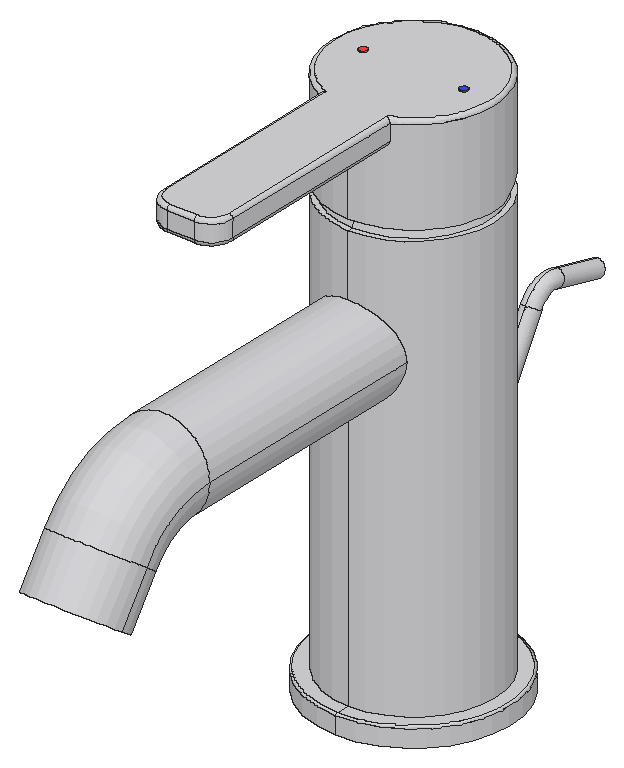
Revit family "Faucet-Lavatory-KOHLER-ATOM-K-27883T_1", category Plumbing Fixtures, host Face, Revit 2017
Family settings
  Host = Face
  Round Connector Dimension = Use Diameter
  Part Type = Normal
  OmniClass Number = 23.31.11.00
  OmniClass Title = Faucets
  Cut with Voids When Loaded = No
  Shared = No
  Room Calculation Point = No
Parameters (values of type "Mixing Faucet, CP-Polished Chrome")
  Width = 1 31/32"  # constant formula
  WaterSense Certified = 1 = 0  # no
  Waste Water Outlet = "Waste Water Outlet"  # constant formula
  Waste Connection = 1 = 0  # no
  Vent Connection = 1 = 0  # no
  URL = "https://www.kohlerasiapacific.com/"
  Type = 1
  Spout Reach = 4 75/256"  # constant formula
  Product Page URL = ""
  Product Name = "ATOM"  # constant formula
  Product Documentation Link = ""
  Pressure = 45.00 psi  # constant formula
  Model = if(Type = 1, "K-27883T-4-CP", if(Type = 2, "K-27883T-4CD-CP", "NA"))  # "K-27883T-4-CP"
  Material = "Premium Metal Construction"  # constant formula
  Master Format 2014 Name = "Residential Faucets, Supplies, and Trim"  # constant formula
  Master Format 2014 = "22 41 39"  # constant formula
  Manufacturer Address = "No. 158 Jiang Chang San Road, Zhabei District, Shanghai, China"  # constant formula
  Manufacturer = "KOHLER Co."  # constant formula
  Length = Spout Reach  # 4 75/256"
  Hot Water Inlet = "Hot Water Inlet"  # constant formula
  Hot Water Diameter = if(Type = 1, 1/2", 0")  # 1/2"
  Height = 5 161/256"  # constant formula
  Handle Clearance = 2 61/64"  # constant formula
  HW Connection = if(Type = 1, 1 = 1, 1 = 0)  # yes
  Flow Rate = 2.2 GPM  # constant formula
  Finish = Kohler-Metal-CP-Polished_Chrome
  Faucet Hole Spacing = 0"
  Environmental Product Declaration = ""
  Drain Included = if(Type = 1, 1 = 1, 1 = 0)  # yes
  Description = if(Type = 1, "Single Handle Lavatory Faucet Lever Handle, Pop Up, 6P", if(Type = 2, "Single Handle Lavatory Faucet Lever Handle, Cold Only, 6P\r", "NA"))  # "Single Handle Lavatory Faucet Lever Handle, Pop Up, 6P"
  Default Elevation = 36"
  Declare Label = ""
  Date Modified = "08/24/2021"  # constant formula
  Date Created = "08/24/2021"  # constant formula
  Copyright = "Copyright KOHLER Co."  # constant formula
  Contact Us = "https://www.kohlerasiapacific.com/contact-us"
  Cold Water Inlet = "Cold Water Inlet"  # constant formula
  CW Connection = 1 = 1  # yes
  Assembly Code = "D2010"
  ADA Compliant = 1 = 0  # no
  27883T_4CD = Type = 2  # no
  27883T_4 = Type = 1  # yes
Types (3): name | Type | Model | Hot Water Diameter | HW Connection | Drain Included | Description | 27883T_4CD | 27883T_4
  (no name) | 1 | "K-27883T-4-CP" | 1/2" | yes | yes | "Single Handle Lavatory Faucet Lever Handle, Pop Up, 6P" | no | yes
  Mixing Faucet, CP-Polished Chrome | 1 | "K-27883T-4-CP" | 1/2" | yes | yes | "Single Handle Lavatory Faucet Lever Handle, Pop Up, 6P" | no | yes
  Cold Only Faucet, CP-Polished Chrome | 2 | "K-27883T-4CD-CP" | 0" | no | no | "Single Handle Lavatory Faucet Lever Handle, Cold Only, 6P\r" | yes | no
Reference planes (in)
  plane 1 "Center (Front/Back)": y = 0
  plane 2: z = 0
  plane 3 "Center (Left/Right)": x = 0
  plane 4: x = -0.98425
  plane 5: x = 0.9845
  plane 6: y = 0.98425
  plane 7: y = -0.98425
  plane 8: x = -0.3937
  plane 9: x = 0.3937
  plane 10: y = -4.29297
  plane 11: y = -2.95313
  plane 12: z = 5.62891
  plane 13: z = 2.55906
  plane 14: y = 2.34457
  plane 15: x = -0.82677
  plane 16: x = 0.82677
  plane 17: z = 0.19685
Dimensions and locks (in)
  "Height": plane 12 to level
  level to plane 13 = 2.55906"
  "Spout Reach": plane 1 "Center (Front/Back)" to plane 10
  "Width": plane 4 to plane 5
  plane 7 to plane 6 = 1.9685"
  "Handle Clearance": plane 11 to plane 1 "Center (Front/Back)"
  "Length": plane 10 to plane 1 "Center (Front/Back)"
  aligned and locked: plane 2 to host face
  aligned and locked: level to host face
Automatic sketch dimensions
  host sketch curve to host sketch curve = 96"  (x2)
Nested families (in)
  nested 1: "K-27883T" at (0, 0, 0), type "K-27883T"
Connectors (in)
  piping at (0.3937, 0, 0), diameter 0.5, driven by "Flow Rate", driven by "Pressure", driven by "CW Connection", driven by "Cold Water Inlet"
    settings: on nested 1, index 1, connector inside diameter 24", connector length 0", flow factor 0, pipe flow 2.2 GPM, pressure drop 45.00 psi, fitting loss kfactor 0, connector angle 0.00°, fixture units 0, engagement length 0", angle of deflection 0.00°, flow configuration 1, flow direction 1, fitting loss method 4, system type 20, joint type 0, gender type 0, connector reference index -1, connector utility 1, adjustable connector no, is connector primary yes, connector description "Cold Water Inlet"
  piping at (-0.3937, 0, 0), diameter 0.5, driven by "Flow Rate", driven by "Pressure", driven by "HW Connection", driven by "Hot Water Inlet", driven by "Hot Water Diameter"
    settings: on nested 1, index 2, connector inside diameter 24", connector length 0", flow factor 0, pipe flow 2.2 GPM, pressure drop 45.00 psi, fitting loss kfactor 0, connector angle 0.00°, fixture units 0, engagement length 0", angle of deflection 0.00°, flow configuration 1, flow direction 1, fitting loss method 4, system type 19, joint type 0, gender type 0, connector reference index -1, connector utility 1, adjustable connector no, is connector primary no, connector description "Hot Water Inlet"
Definition of nested family "K-27883T"
  Parameters (values of type "K-27883T")
    Material = none
    Connector Dist = if([27883T_4], 0.3937", 0")  # 0.3937"
    27883T_4CD = yes
    27883T_4 = yes
  Reference planes (in)
    plane 1 "Center (Front/Back)": y = 0
    plane 2: z = 0
    plane 3 "Center (Left/Right)": x = 0
    plane 4: x = -0.98425
    plane 5: x = 0.98425
    plane 6: y = 0.98425
    plane 7: y = -0.98425
    plane 8: z = 5.62992
    plane 9: y = -4.29134
    plane 10: z = 2.55906
    plane 11: y = -2.95276
    plane 12: x = -0.3937
    plane 13: x = 0.3937
    plane 14: y = 2.34457
  Forms (in)
    Revolve 1, solid, material <- "Material", detail levels medium+fine
      sketch origin (0, 0, 0) x (0, 1, 0) y (0, 0, 1)
        loop
          line (0, 4.90945) -> (0, 0) -> (0.98425, 0) -> (0.98425, 0.17717)
          arc (0.98425, 0.17717) -> (0.97849, 0.19108) -> (0.96457, 0.19685) r 0.01969
          line (0.96457, 0.19685) -> (0.82677, 0.19685) -> (0.82677, 4.52756) -> (0.77128, 4.52756)
          arc (0.77128, 4.52756) -> (0.70532, 4.73211) -> (0.5839, 4.90945) r 0.74751
          line (0.5839, 4.90945) -> (0, 4.90945)
        axis (0, 4.90945) -> (0, 0)
      angle from 0 to 360
    Revolve 2, solid, material <- "Material", detail levels medium+fine
      sketch origin (0, 0, 0) x (0, 1, 0) y (0, 0, 1)
        loop
          line (0.7874, 5.62992) -> (0, 5.62992) -> (0, 4.63386) -> (0.82677, 4.63386) -> (0.82677, 5.59055)
          arc (0.82677, 5.59055) -> (0.81524, 5.61839) -> (0.7874, 5.62992) r 0.03937
        axis (0, 5.62992) -> (0, 4.63386)
      angle from 0 to 360
    Revolve 3, solid, material <- "Material", detail levels medium+fine
      sketch origin (0, 0, 0) x (0, 1, 0) y (0, 0, 1)
        loop
          line (0.79052, 5.25197) -> (0.87838, 5.25197)
          arc (0.87838, 5.25197) -> (0.87238, 5.32314) -> (0.85458, 5.39232) r 0.42582
          arc (0.85458, 5.39232) -> (0.84525, 5.40473) -> (0.83045, 5.40945) r 0.02556
          line (0.83045, 5.40945) -> (0.79052, 5.40945) -> (0.79052, 5.25197)
        axis (0.87838, 5.25197) -> (0.79052, 5.25197)
      angle from 0 to 360
    Extrusion 4, void
      sketch origin (0, 0, 0) x (0, 1, 0) y (0, 0, 1)
        loop
          line (0.02735, 4.60082) -> (0.88812, 4.60082) -> (0.88812, 4.91412) -> (0.02735, 4.60082)
      from -0.98425 to 0.98425
    Sweep 5, solid, material <- "Material", detail levels medium+fine
      path origin (0, 0, 0) x (1, 0, 0) y (0, 1, 0)
        loop
          line (-0.35433, -0.62858) -> (-0.35433, -2.73622)
          arc (-0.35433, -2.73622) -> (-0.29091, -2.88933) -> (-0.1378, -2.95276) r 0.21654
          line (-0.1378, -2.95276) -> (0.1378, -2.95276)
          arc (0.1378, -2.95276) -> (0.29091, -2.88933) -> (0.35433, -2.73622) r 0.21654
          line (0.35433, -2.73622) -> (0.35433, -0.62858)
      profile origin (0, -2.95276, 0) x (0, 1, 0) y (0, 0, 1)
        loop
          arc (0, 5.42126) -> (0.01153, 5.39342) -> (0.03937, 5.38189) r 0.03937
          line (0.03937, 5.38189) -> (0.07279, 5.38189) -> (0.07279, 5.62992) -> (0.03937, 5.62992)
          arc (0.03937, 5.62992) -> (0.01153, 5.61839) -> (0, 5.59055) r 0.03937
          line (0, 5.59055) -> (0, 5.42126)
    Extrusion 6, solid, material <- "Material", detail levels medium+fine
      sketch origin (0, 0, 0) x (1, 0, 0) y (0, 1, 0)
        loop
          arc (-0.28154, -2.73622) -> (-0.23944, -2.83786) -> (-0.1378, -2.87996) r 0.14374
          line (-0.1378, -2.87996) -> (0.1378, -2.87996)
          arc (0.1378, -2.87996) -> (0.23944, -2.83786) -> (0.28154, -2.73622) r 0.14374
          line (0.28154, -2.73622) -> (0.28154, -0.62858) -> (-0.28154, -0.62858) -> (-0.28154, -2.73622)
      from 5.38189 to 5.62992
    Sweep 7, solid, material <- "Material", detail levels medium+fine
      path origin (0, 0, 0) x (0, 1, 0) y (0, 0, 1)
        loop
          line (-4.29134, 2.55906) -> (-3.97874, 3.00549)
          arc (-3.97874, 3.00549) -> (-3.62697, 3.31399) -> (-3.17249, 3.4252) r 0.98425
          line (-3.17249, 3.4252) -> (-0.54293, 3.4252)
      profile origin (0, -1.85771, 3.4252) x (0, 0, -1) y (1, 0, 0)
        loop
          circle (0, 0) r 0.47244
    Revolve 8, void
      sketch origin (0, 0, 0) x (0, 1, 0) y (0, 0, 1)
        loop
          line (-4.3157, 2.52427) -> (-3.96356, 2.2777) -> (-3.83286, 2.46435) -> (-3.9226, 2.52718) -> (-4.01446, 2.42516) -> (-4.0517, 2.45124)
          arc (-4.0517, 2.45124) -> (-4.1766, 2.49384) -> (-4.29134, 2.55906) r 0.70275
          line (-4.29134, 2.55906) -> (-4.3157, 2.52427)
        axis (-4.185, 2.71092) -> (-4.3157, 2.52427)
      angle from 0 to 360
    Extrusion 9, void
      sketch origin (0, 0, 0) x (0, 1, 0) y (0, 0, 1)
        loop
          line (-4.26212, 2.50982) -> (-4.22042, 2.56937) -> (-4.3059, 2.62923) -> (-4.3476, 2.56968) -> (-4.26212, 2.50982)
      from -0.33273 to 0.33353
    Sweep 10, solid, material <- "Material", visible <- "27883T_4"
      path origin (0, 0, 0) x (0, 1, 0) y (0, 0, 1)
        loop
          line (2.32266, 2.80004) -> (1.80722, 2.93815)
          arc (1.80722, 2.93815) -> (1.63043, 2.92656) -> (1.49722, 2.80975) r 0.27559
          line (1.49722, 2.80975) -> (0.51228, 1.10377)
      profile origin (0, 2.06494, 2.8691) x (0, -0.258819, -0.965926) y (1, 0, 0)
        loop
          circle (0, 0) r 0.08465
    Extrusion 11, solid, visible <- "27883T_4"
      sketch origin (0, 0, 0) x (1, 0, 0) y (0, 1, 0)
        loop
          circle (-0.51181, 0) r 0.03937
      from 5.61811 to 5.63386
    Extrusion 12, solid, visible <- "27883T_4"
      sketch origin (0, 0, 0) x (-1, 0, 0) y (0, -1, 0)
        loop
          circle (-0.51181, 0) r 0.03937
      from 5.61811 to 5.63386
    Extrusion 13, solid, material <- "Material", visible <- "27883T_4", detail levels medium+fine
      sketch origin (0, 0, 0) x (1, 0, 0) y (0, 1, 0)
        loop
          circle (-0.3937, 0) r 0.25
      from 0 to 0.03937
    Extrusion 14, solid, material <- "Material"
      sketch origin (0, 0, 0) x (1, 0, 0) y (0, 1, 0)
        loop
          circle (0.3937, 0) r 0.25
      from 0 to 0.03937
    Revolve 15, solid, material <- "Material", detail levels coarse
      sketch origin (0, 0, 0) x (0, 1, 0) y (0, 0, 1)
        loop
          line (0.82677, 4.52756) -> (0.70976, 4.52756) -> (0.70976, 4.63386) -> (0.82973, 4.63386) -> (0.82973, 5.62992) -> (0, 5.62992) -> (0, 0) -> (0.98425, 0) -> (0.98425, 0.19685) -> (0.82677, 0.19685) -> (0.82677, 4.52756)
        axis (0, 5.62992) -> (0, 0)
      angle from 0 to 360
    Extrusion 16, solid, material <- "Material", detail levels coarse
      sketch origin (0, 0, 0) x (1, 0, 0) y (0, 1, 0)
        loop
          line (-0.35479, -0.54992) -> (-0.35479, -2.73622)
          arc (-0.35479, -2.73622) -> (-0.29137, -2.88933) -> (-0.13826, -2.95276) r 0.21654
          line (-0.13826, -2.95276) -> (0.13826, -2.95276)
          arc (0.13826, -2.95276) -> (0.29137, -2.88933) -> (0.35479, -2.73622) r 0.21654
          line (0.35479, -2.73622) -> (0.35479, -0.54992) -> (-0.35479, -0.54992)
      from 5.38189 to 5.62992
    Sweep 17, solid, material <- "Material", detail levels coarse
      path origin (0, 0, 0) x (0, 1, 0) y (0, 0, 1)
        loop
          line (-4.29134, 2.55906) -> (-3.97874, 3.00549)
          arc (-3.97874, 3.00549) -> (-3.62697, 3.31399) -> (-3.17249, 3.4252) r 0.98425
          line (-3.17249, 3.4252) -> (-0.54293, 3.4252)
      profile origin (0, -1.85771, 3.4252) x (0, 0, -1) y (1, 0, 0)
        loop
          circle (0, 0) r 0.47244
  Cuts and joins
    Extrusion 4 cuts Revolve 2
    Revolve 8, Extrusion 9 cuts Sweep 7
    joined: Revolve 1, Revolve 2, Revolve 3, Sweep 5, Extrusion 6, Sweep 7
    joined: Revolve 15, Extrusion 16, Sweep 17
  Lines and regions (in)
    Masking region 1
      outline origin (0, 0, 0) x (0, 1, 0) y (0, 0, 1)
        loop
          line (0.78923, 5.62991) -> (-2.91339, 5.62991)
          arc (-2.91339, 5.62991) -> (-2.94122, 5.61838) -> (-2.95275, 5.59055) r 0.03937
          line (-2.95275, 5.59055) -> (-2.95275, 5.42126)
          arc (-2.95275, 5.42126) -> (-2.94122, 5.39342) -> (-2.91338, 5.38189) r 0.03937
          line (-2.91338, 5.38189) -> (-0.82677, 5.38189) -> (-0.82677, 4.63386) -> (-0.74516, 4.63386)
          arc (-0.74516, 4.63386) -> (-0.76017, 4.58119) -> (-0.77128, 4.52756) r 0.74751
          line (-0.77128, 4.52756) -> (-0.82677, 4.52756) -> (-0.82677, 3.89764) -> (-3.17249, 3.89764)
          arc (-3.17249, 3.89764) -> (-3.84512, 3.73305) -> (-4.36574, 3.27647) r 1.45669
          line (-4.36574, 3.27647) -> (-4.67834, 2.83004) -> (-3.90434, 2.28807) -> (-3.59174, 2.73451)
          arc (-3.59174, 2.73451) -> (-3.40882, 2.89493) -> (-3.17249, 2.95276) r 0.51181
          line (-3.17249, 2.95276) -> (-0.82677, 2.95276) -> (-0.82677, 0.19685) -> (-0.96457, 0.19685)
          arc (-0.96457, 0.19685) -> (-0.97849, 0.19108) -> (-0.98425, 0.17717) r 0.01969
          line (-0.98425, 0.17717) -> (-0.98425, 0) -> (0.98425, 0) -> (0.98425, 0.17717)
          arc (0.98425, 0.17717) -> (0.97849, 0.19108) -> (0.96457, 0.19685) r 0.01969
          line (0.96457, 0.19685) -> (0.82677, 0.19685) -> (0.82677, 4.52756) -> (0.77128, 4.52756)
          arc (0.77128, 4.52756) -> (0.72688, 4.68395) -> (0.64973, 4.82705) r 0.74751
          line (0.64973, 4.82705) -> (0.82973, 4.89246) -> (0.82973, 5.09411)
          arc (0.82973, 5.09411) -> (0.84478, 5.09892) -> (0.85426, 5.11156) r 0.02597
          arc (0.85426, 5.11156) -> (0.8781, 5.25194) -> (0.85431, 5.39233) r 0.4257
          arc (0.85431, 5.39233) -> (0.8443, 5.40514) -> (0.82858, 5.40928) r 0.02542
          line (0.82858, 5.40928) -> (0.82858, 5.59056)
          arc (0.82858, 5.59056) -> (0.81705, 5.61839) -> (0.78923, 5.62991) r 0.03935
    Masking region 2, visible <- "27883T_4"
      outline origin (0, 0, 0) x (0, 1, 0) y (0, 0, 1)
        loop
          line (2.34457, 2.8818) -> (1.82475, 3.02109)
          arc (1.82475, 3.02109) -> (1.59745, 3.00619) -> (1.42618, 2.85599) r 0.35433
          line (1.42618, 2.85599) -> (0.82677, 1.81778) -> (0.82677, 1.4792) -> (1.56826, 2.7635)
          arc (1.56826, 2.7635) -> (1.66341, 2.84694) -> (1.78969, 2.85522) r 0.19685
          line (1.78969, 2.85522) -> (2.30075, 2.71828) -> (2.34457, 2.8818)
    Masking region 3
      outline origin (0, 0, 0) x (1, 0, 0) y (0, 1, 0)
        loop
          arc (0.47244, -0.86345) -> (0, 0.98425) -> (-0.47244, -0.86345) r 0.98425
          line (-0.47244, -0.86345) -> (-0.47244, -4.29134)
          spline (-0.47244, -4.29134) -> (-0.45634, -4.3915) -> (-0.40915, -4.48484) -> (-0.33407, -4.56499) -> (-0.23622, -4.62649) -> (-0.12228, -4.66515) -> (0, -4.67834) -> (0.12228, -4.66515) -> (0.23622, -4.62649) -> (0.33407, -4.56499) -> (0.40915, -4.48484) -> (0.45634, -4.3915) -> (0.47244, -4.29134)
          line (0.47244, -4.29134) -> (0.47244, -0.86345)
    Masking region 4, visible <- "27883T_4"
      outline origin (0, 0, 0) x (1, 0, 0) y (0, 1, 0)
        loop
          line (-0.08465, 2.32266) -> (-0.08465, 0.98061)
          arc (-0.08465, 0.98061) -> (0, 0.98425) -> (0.08465, 0.98061) r 0.98425
          line (0.08465, 0.98061) -> (0.08465, 2.32266)
          spline (0.08465, 2.32266) -> (0.08176, 2.32833) -> (0.07331, 2.33362) -> (0.05985, 2.33815) -> (0.04232, 2.34163) -> (0.02191, 2.34382) -> (0, 2.34457) -> (-0.02191, 2.34382) -> (-0.04232, 2.34163) -> (-0.05985, 2.33815) -> (-0.07331, 2.33362) -> (-0.08176, 2.32833) -> (-0.08465, 2.32266)
    Masking region 5
      outline origin (0, 0, 0) x (1, 0, 0) y (0, 0, 1)
        loop
          arc (-0.7874, 5.62991) -> (-0.81524, 5.61838) -> (-0.82677, 5.59054) r 0.03937
          line (-0.82677, 5.59054) -> (-0.82677, 4.63386) -> (-0.74516, 4.63386)
          arc (-0.74516, 4.63386) -> (-0.76017, 4.58119) -> (-0.77128, 4.52756) r 0.74751
          line (-0.77128, 4.52756) -> (-0.82677, 4.52756) -> (-0.82677, 0.19685) -> (-0.96457, 0.19685)
          arc (-0.96457, 0.19685) -> (-0.97849, 0.19108) -> (-0.98425, 0.17717) r 0.01969
          line (-0.98425, 0.17717) -> (-0.98425, 0) -> (0.98425, 0) -> (0.98425, 0.17717)
          arc (0.98425, 0.17717) -> (0.97849, 0.19108) -> (0.96457, 0.19685) r 0.01969
          line (0.96457, 0.19685) -> (0.82677, 0.19685) -> (0.82677, 4.52756) -> (0.77128, 4.52756)
          arc (0.77128, 4.52756) -> (0.76017, 4.58119) -> (0.74516, 4.63386) r 0.74751
          line (0.74516, 4.63386) -> (0.82677, 4.63386) -> (0.82677, 5.59054)
          arc (0.82677, 5.59054) -> (0.81524, 5.61838) -> (0.7874, 5.62991) r 0.03937
          line (0.7874, 5.62991) -> (-0.7874, 5.62991)
    symbolic lines, detail levels medium+fine
      curve 1: line (0, 0.11811, 4.63386) -> (0, -0.74516, 4.63386)
      curve 2: line (0, 0.11811, 4.63386) -> (0, 0.64973, 4.82705)
      curve 3: line (0, 0.82973, 5.09411) -> (0, 0.82858, 5.40928)
      curve 4: spline (0, -0.76443, 5.38207) -> (0, -0.76232, 5.38217) -> (0, -0.76024, 5.38292) -> (0, -0.75821, 5.38431) -> (0, -0.75627, 5.38632) -> (0, -0.75444, 5.38891) -> (0, -0.75276, 5.39204) -> (0, -0.75125, 5.39567) -> (0, -0.74994, 5.39974) -> (0, -0.74884, 5.40418) -> (0, -0.74797, 5.40892) -> (0, -0.74736, 5.4139) -> (0, -0.74699, 5.41902)
      curve 5: line (0, -0.74699, 5.59378) -> (0, -0.74699, 5.41902)
      curve 6: spline (0, -0.72168, 5.62955) -> (0, -0.72466, 5.62969) -> (0, -0.72763, 5.62916) -> (0, -0.73052, 5.62797) -> (0, -0.7333, 5.62615) -> (0, -0.73592, 5.62373) -> (0, -0.73834, 5.62073) -> (0, -0.74054, 5.6172) -> (0, -0.74247, 5.6132) -> (0, -0.7441, 5.60879) -> (0, -0.74541, 5.60403) -> (0, -0.74638, 5.59901) -> (0, -0.74699, 5.59378)
      curve 7: line (0, -0.76443, 5.38207) -> (0, -0.82677, 5.38189)
      curve 8: line (0, 0.77128, 4.52756) -> (0, -0.77128, 4.52756)
      curve 9: arc (0, -0.82677, 3.89764) -> (0, -0.67849, 3.4252) -> (0, -0.82677, 2.95276) r 0.82677
      curve 10: line (0, -3.59174, 2.73451) -> (0, -4.36574, 3.27647)
      curve 11: line (0, 0.82677, 0.19685) -> (0, -0.82677, 0.19685)
      curve 12: arc (0.35479, -0.74677, 0) -> (0, 0.82677, 0) -> (-0.35479, -0.74677, 0) r 0.82677
      curve 13: line (-0.35479, -0.74677, 0) -> (-0.35479, -2.73622, 0)
      curve 14: line (-0.13826, -2.95276, 0) -> (0.13826, -2.95276, 0)
      curve 15: line (0.35479, -0.74677, 0) -> (0.35479, -2.73622, 0)
      curve 16: arc (-0.35479, -2.73622, 0) -> (-0.29137, -2.88933, 0) -> (-0.13826, -2.95276, 0) r 0.21654
      curve 17: arc (0.13826, -2.95276, 0) -> (0.29137, -2.88933, 0) -> (0.35479, -2.73622, 0) r 0.21654
      curve 18: line (-0.47244, -3.97915, 0) -> (0.47244, -3.97915, 0)
      curve 19: line (-0.47244, -0.86345, 0) -> (-0.47244, -0.67849, 0)
      curve 20: line (0.47244, -0.86345, 0) -> (0.47244, -0.67849, 0)
      curve 21: line (0.15748, 0.83066, 0) -> (0.15748, 0.81163, 0)
      curve 22: arc (0.14035, 0.85479, 0) -> (0, 0.87858, 0) -> (-0.14035, 0.85479, 0) r 0.42582
      curve 23: arc (0.15748, 0.83066, 0) -> (0.15276, 0.84546, 0) -> (0.14035, 0.85479, 0) r 0.02556
      curve 24: line (-0.15748, 0.83066, 0) -> (-0.15748, 0.81163, 0)
      curve 25: arc (-0.15748, 0.83066, 0) -> (-0.15276, 0.84546, 0) -> (-0.14035, 0.85479, 0) r 0.02556
      curve 28: line (-0.31496, 0, 5.38189) -> (0.31496, 0, 5.38189)
      curve 29: line (-0.35433, 0, 5.59055) -> (-0.35433, 0, 5.42126)
      curve 30: line (0.35433, 0, 5.42126) -> (0.35433, 0, 5.59055)
      curve 31: arc (-0.35433, 0, 5.59055) -> (-0.3428, 0, 5.61839) -> (-0.31496, 0, 5.62992) r 0.03937
      curve 32: arc (-0.31496, 0, 5.38189) -> (-0.3428, 0, 5.39342) -> (-0.35433, 0, 5.42126) r 0.03937
      curve 33: arc (0.31496, 0, 5.38189) -> (0.3428, 0, 5.39342) -> (0.35433, 0, 5.42126) r 0.03937
      curve 34: arc (0.35433, 0, 5.59055) -> (0.3428, 0, 5.61839) -> (0.31496, 0, 5.62992) r 0.03937
      curve 35: line (-0.74516, 0, 4.63386) -> (0.74516, 0, 4.63386)
      curve 36: line (0.77128, 0, 4.52756) -> (-0.77128, 0, 4.52756)
      curve 37: line (-0.82677, 0, 0.19685) -> (0.82677, 0, 0.19685)
      curve 38: spline (0.47244, 0, 2.55906) -> (0.45634, 0, 2.62919) -> (0.40915, 0, 2.69455) -> (0.33407, 0, 2.75067) -> (0.23622, 0, 2.79373) -> (0.12228, 0, 2.8208) -> (0, 0, 2.83004) -> (-0.12228, 0, 2.8208) -> (-0.23622, 0, 2.79373) -> (-0.33407, 0, 2.75067) -> (-0.40915, 0, 2.69455) -> (-0.45634, 0, 2.62919) -> (-0.47244, 0, 2.55906)
      curve 39: spline (0, 0, 2.31248) -> (-0.11126, 0, 2.32088) -> (-0.21494, 0, 2.34552) -> (-0.30397, 0, 2.3847) -> (-0.37229, 0, 2.43577) -> (-0.41524, 0, 2.49524) -> (-0.42988, 0, 2.55906) -> (-0.41524, 0, 2.62287) -> (-0.37229, 0, 2.68234) -> (-0.30397, 0, 2.73341) -> (-0.21494, 0, 2.77259) -> (-0.11126, 0, 2.79723) -> (0, 0, 2.80563)
      curve 40: spline (-0.30361, 0, 2.5993) -> (-0.29326, 0, 2.64437) -> (-0.26293, 0, 2.68637) -> (-0.21468, 0, 2.72244) -> (-0.1518, 0, 2.75011) -> (-0.07858, 0, 2.76751) -> (0, 0, 2.77344) -> (0.07858, 0, 2.76751) -> (0.1518, 0, 2.75011) -> (0.21468, 0, 2.72244) -> (0.26293, 0, 2.68637) -> (0.29326, 0, 2.64437) -> (0.30361, 0, 2.5993) -> (0.29326, 0, 2.55423) -> (0.26293, 0, 2.51223) -> (0.21468, 0, 2.47616) -> (0.1518, 0, 2.44849) -> (0.07858, 0, 2.43109) -> (0, 0, 2.42516) -> (-0.07858, 0, 2.43109) -> (-0.1518, 0, 2.44849) -> (-0.21468, 0, 2.47616) -> (-0.26293, 0, 2.51223) -> (-0.29326, 0, 2.55423) -> (-0.30361, 0, 2.5993)
      curve 41: spline (0.25281, 0, 2.56937) -> (0.23449, 0, 2.53739) -> (0.20404, 0, 2.5086) -> (0.16305, 0, 2.48451) -> (0.11362, 0, 2.46635) -> (0.05832, 0, 2.45506) -> (0, 0, 2.45124) -> (-0.05832, 0, 2.45506) -> (-0.11362, 0, 2.46635) -> (-0.16305, 0, 2.48451) -> (-0.20404, 0, 2.5086) -> (-0.23449, 0, 2.53739) -> (-0.25281, 0, 2.56937)
      curve 42: spline (-0.25281, 0, 2.62923) -> (-0.21216, 0, 2.61751) -> (-0.1707, 0, 2.60786) -> (-0.12859, 0, 2.60032) -> (-0.086, 0, 2.59491) -> (-0.04308, 0, 2.59166) -> (0, 0, 2.59057) -> (0.04308, 0, 2.59166) -> (0.086, 0, 2.59491) -> (0.12859, 0, 2.60032) -> (0.1707, 0, 2.60786) -> (0.21216, 0, 2.61751) -> (0.25281, 0, 2.62923)
      curve 43: spline (0.25281, 0, 2.56937) -> (0.21216, 0, 2.55765) -> (0.1707, 0, 2.54801) -> (0.12859, 0, 2.54046) -> (0.086, 0, 2.53506) -> (0.04308, 0, 2.5318) -> (0, 0, 2.53072) -> (-0.04308, 0, 2.5318) -> (-0.086, 0, 2.53506) -> (-0.12859, 0, 2.54046) -> (-0.1707, 0, 2.54801) -> (-0.21216, 0, 2.55765) -> (-0.25281, 0, 2.56937)
      curve 44: spline (-0.25281, 0, 2.62923) -> (-0.23449, 0, 2.66121) -> (-0.20404, 0, 2.69) -> (-0.16305, 0, 2.71409) -> (-0.11362, 0, 2.73225) -> (-0.05832, 0, 2.74354) -> (0, 0, 2.74736) -> (0.05832, 0, 2.74354) -> (0.11362, 0, 2.73225) -> (0.16305, 0, 2.71409) -> (0.20404, 0, 2.69) -> (0.23449, 0, 2.66121) -> (0.25281, 0, 2.62923)
      curve 45: spline (-0.47244, 0, 2.55906) -> (-0.45634, 0, 2.48892) -> (-0.40915, 0, 2.42356) -> (-0.33407, 0, 2.36744) -> (-0.23622, 0, 2.32438) -> (-0.12228, 0, 2.29731) -> (0, 0, 2.28807) -> (0.12228, 0, 2.29731) -> (0.23622, 0, 2.32438) -> (0.33407, 0, 2.36744) -> (0.40915, 0, 2.42356) -> (0.45634, 0, 2.48892) -> (0.47244, 0, 2.55906)
      curve 46: spline (0, 0, 2.80563) -> (0.11126, 0, 2.79723) -> (0.21494, 0, 2.77259) -> (0.30397, 0, 2.73341) -> (0.37229, 0, 2.68234) -> (0.41524, 0, 2.62287) -> (0.42988, 0, 2.55906) -> (0.41524, 0, 2.49524) -> (0.37229, 0, 2.43577) -> (0.30397, 0, 2.3847) -> (0.21494, 0, 2.34552) -> (0.11126, 0, 2.32088) -> (0, 0, 2.31248)
      curve 47: line (-0.25281, 0, 2.56937) -> (0.25281, 0, 2.56937)
      curve 48: spline (-0.26905, 0, 2.51861) -> (-0.28497, 0, 2.52631) -> (-0.30023, 0, 2.53444) -> (-0.31478, 0, 2.54299) -> (-0.32859, 0, 2.55194) -> (-0.34164, 0, 2.56125) -> (-0.35387, 0, 2.57092) -> (-0.36528, 0, 2.58092) -> (-0.37583, 0, 2.59122) -> (-0.3855, 0, 2.6018) -> (-0.39426, 0, 2.61264) -> (-0.4021, 0, 2.62371) -> (-0.40899, 0, 2.63499)
      curve 49: spline (0.26905, 0, 2.51861) -> (0.28497, 0, 2.52631) -> (0.30023, 0, 2.53444) -> (0.31478, 0, 2.54299) -> (0.32859, 0, 2.55194) -> (0.34164, 0, 2.56125) -> (0.35387, 0, 2.57092) -> (0.36528, 0, 2.58092) -> (0.37583, 0, 2.59122) -> (0.3855, 0, 2.6018) -> (0.39426, 0, 2.61264) -> (0.4021, 0, 2.62371) -> (0.40899, 0, 2.63499)
      curve 50: spline (-0.31922, 0, 2.69557) -> (-0.31954, 0, 2.69793) -> (-0.3198, 0, 2.7003) -> (-0.32002, 0, 2.70267) -> (-0.32017, 0, 2.70504) -> (-0.32028, 0, 2.70741) -> (-0.32033, 0, 2.70978) -> (-0.32033, 0, 2.71216) -> (-0.32028, 0, 2.71453) -> (-0.32017, 0, 2.7169) -> (-0.32001, 0, 2.71927) -> (-0.31979, 0, 2.72164) -> (-0.31952, 0, 2.72401)
      curve 51: line (-0.31922, 0, 2.69557) -> (-0.30361, 0, 2.5993)
      curve 52: spline (0.31922, 0, 2.69557) -> (0.31954, 0, 2.69793) -> (0.3198, 0, 2.7003) -> (0.32002, 0, 2.70267) -> (0.32017, 0, 2.70504) -> (0.32028, 0, 2.70741) -> (0.32033, 0, 2.70978) -> (0.32033, 0, 2.71216) -> (0.32028, 0, 2.71453) -> (0.32017, 0, 2.7169) -> (0.32001, 0, 2.71927) -> (0.31979, 0, 2.72164) -> (0.31952, 0, 2.72401)
      curve 53: line (0.31922, 0, 2.69557) -> (0.30361, 0, 2.5993)
      curve 54: arc (0.47244, 0, 3.4252) -> (0, 0, 3.89764) -> (-0.47244, 0, 3.4252) r 0.47244
      curve 55: line (-0.47244, 0, 3.4252) -> (-0.47244, 0, 2.55906)
      curve 56: line (0.47244, 0, 3.4252) -> (0.47244, 0, 2.55906)
      curve 57: spline (0.47244, 0, 3.00504) -> (0.45634, 0, 3.07518) -> (0.40915, 0, 3.14053) -> (0.33407, 0, 3.19666) -> (0.23622, 0, 3.23972) -> (0.12228, 0, 3.26679) -> (0, 0, 3.27603) -> (-0.12228, 0, 3.26679) -> (-0.23622, 0, 3.23972) -> (-0.33407, 0, 3.19666) -> (-0.40915, 0, 3.14053) -> (-0.45634, 0, 3.07518) -> (-0.47244, 0, 3.00504)
    symbolic lines, visible <- "27883T_4", detail levels medium+fine
      curve 26: circle (-0.51181, 0, 0) r 0.03937 normal (0, 0, 1)
      curve 27: circle (0.51181, 0, 0) r 0.03937 normal (0, 0, 1)
      curve 58: line (-0.08465, 0.98061, 0) -> (-0.08465, 0.87009, 0)
      curve 59: line (0.08465, 0.98061, 0) -> (0.08465, 0.87009, 0)
  Dimensions and locks (in)
    locked: plane 4 to plane 5 at 1.9685
    locked: plane 8 to level at 5.62992
    locked: plane 1 "Center (Front/Back)" to plane 9 at 4.29134
    locked: plane 10 to level at 2.55906
    "Connector Dist": Extrusion 13 sketch curve to plane 3 "Center (Left/Right)"
    "Connector Dist": plane 3 "Center (Left/Right)" to Extrusion 14 sketch curve
    aligned and locked: plane 2 to level
    aligned and locked: Sweep 5 to Extrusion 6
    aligned and locked: Extrusion 6 to Sweep 5
  Automatic sketch dimensions
    Revolve 2 sketch curve to plane 1 "Center (Front/Back)" = 0"  (x2)
    Revolve 2 sketch curve to plane 8 = 0"
    Revolve 2 sketch curve to plane 6 = 0.19685"
    Revolve 2 sketch curve to Revolve 2 sketch curve = 0.03937"
    Revolve 2 sketch curve to Revolve 2 sketch curve = 0.95669"
    Revolve 2 sketch curve to Revolve 2 sketch curve = 0.35658"
    Revolve 2 sketch curve to Revolve 2 sketch curve = 0.21595"
    Revolve 3 sketch curve to plane 1 "Center (Front/Back)" = 0.45256"
    Revolve 3 sketch curve to plane 6 = 0.19373"
    Revolve 3 sketch curve to Revolve 3 sketch curve = 0.03993"
    Revolve 3 sketch curve to Revolve 3 sketch curve = 0.08785"
    Revolve 3 sketch curve to plane 8 = 0.37795"
    Revolve 3 sketch curve to Revolve 3 sketch curve = 0.13192"
    Revolve 3 sketch curve to Revolve 3 sketch curve = 0.02556"
    Revolve 3 sketch curve to Revolve 3 sketch curve = 0.07396"
    Revolve 3 sketch curve to Revolve 3 sketch curve = 0.05165"
    Revolve 3 sketch curve to Revolve 3 sketch curve = 0"
    Extrusion 4 sketch curve to plane 1 "Center (Front/Back)" = 7/256"
    Extrusion 4 sketch curve to plane 6 = 0.09614"
    Extrusion 4 sketch curve to plane 8 = 1.0291"
    Extrusion 4 sketch curve to Extrusion 4 sketch curve = 0.31329"
    plane 11 to Sweep 5 sketch curve = 0"
    Sweep 5 sketch curve to plane 11 = 0.21654"  (x2)
    Sweep 5 sketch curve to plane 3 "Center (Left/Right)" = 0.35433"
    plane 3 "Center (Left/Right)" to Sweep 5 sketch curve = 0.1378"
    Sweep 5 sketch curve to plane 7 = 0.35567"  (x2)
    Extrusion 6 sketch curve to plane 11 = 0.21654"
    Extrusion 6 sketch curve to plane 3 "Center (Left/Right)" = 0.28154"
    Extrusion 6 sketch curve to plane 3 "Center (Left/Right)" = 0.1378"
    plane 3 "Center (Left/Right)" to Extrusion 6 sketch curve = 0.1378"
    Extrusion 6 sketch curve to Extrusion 6 sketch curve = 0.14374"
    Extrusion 6 sketch curve to plane 7 = 0.35567"
    Sweep 7 sketch curve to plane 9 = 0"
    Sweep 7 sketch curve to plane 10 = 0"
    Sweep 7 sketch curve to plane 9 = 0.3126"
    plane 11 to Sweep 7 sketch curve = 0.21973"
    Sweep 7 sketch curve to plane 10 = 0.11811"
    plane 10 to Sweep 7 sketch curve = 0.44643"
    Sweep 7 sketch curve to plane 7 = 0.44132"
    Sweep 7 sketch curve to plane 3 "Center (Left/Right)" = 0"
    Sweep 7 sketch curve to profile plane = 0"
    Revolve 8 sketch curve to plane 9 = 0"  (x2)
    Revolve 8 sketch curve to plane 10 = 0"  (x2)
    plane 9 to Revolve 8 sketch curve = 0.02436"
    Revolve 8 sketch curve to plane 10 = 0.10782"
    Revolve 8 sketch curve to plane 9 = 0.23964"
    Revolve 8 sketch curve to plane 10 = 0.1339"
    Revolve 8 sketch curve to Revolve 8 sketch curve = 0.03724"
    Revolve 8 sketch curve to Revolve 8 sketch curve = 0.0509"
    Revolve 8 sketch curve to plane 10 = 0.03188"
    Revolve 8 sketch curve to Revolve 8 sketch curve = 0.09186"
    Revolve 8 sketch curve to plane 9 = 0.40308"
    Revolve 8 sketch curve to plane 10 = 0.09471"
    plane 9 to Revolve 8 sketch curve = 0.08603"
    Revolve 8 sketch curve to Revolve 8 sketch curve = 0.08808"
    plane 10 to Extrusion 9 sketch curve = 0.01062"
    plane 9 to Extrusion 9 sketch curve = 0.05626"
    plane 9 to Extrusion 9 sketch curve = 0.01456"
    Extrusion 9 sketch curve to plane 9 = 0.02922"
    plane 10 to Extrusion 9 sketch curve = 0.01032"
    plane 1 "Center (Front/Back)" to Extrusion 11 sketch curve = 0"
    plane 4 to Extrusion 11 sketch curve = 0.47244"
    plane 1 "Center (Front/Back)" to Extrusion 12 sketch curve = 0"
    Extrusion 12 sketch curve to plane 5 = 0.47244"
    plane 1 "Center (Front/Back)" to Extrusion 13 sketch curve = 0"
    plane 1 "Center (Front/Back)" to Extrusion 14 sketch curve = 0"
    plane 9 to Masking region 3 sketch curve = 0"
    plane 1 "Center (Front/Back)" to Masking region 3 sketch curve = 0"
    Masking region 3 sketch curve to plane 3 "Center (Left/Right)" = 0"  (x2)
    Masking region 3 sketch curve to plane 12 = 0.07874"
    Masking region 3 sketch curve to plane 7 = 0.1208"
    Masking region 2 sketch curve to plane 6 = 0.15748"
    plane 6 to Masking region 2 sketch curve = 0.44193"
    plane 10 to Masking region 2 sketch curve = 0.20444"
    Masking region 2 sketch curve to Masking region 2 sketch curve = 0.14208"
    Masking region 2 sketch curve to Masking region 2 sketch curve = 0.16478"
    Masking region 2 sketch curve to Masking region 2 sketch curve = 0.0057"
    plane 10 to Masking region 2 sketch curve = 0.29616"
    Masking region 2 sketch curve to Masking region 2 sketch curve = 0.05665"
    plane 10 to Masking region 2 sketch curve = 0.46203"
    Masking region 2 sketch curve to Masking region 2 sketch curve = 0.03506"
    plane 10 to Masking region 2 sketch curve = 0.15922"
    Masking region 2 sketch curve to Masking region 2 sketch curve = 0.51106"
    Masking region 2 sketch curve to plane 10 = 0.74127"
    Masking region 2 sketch curve to Masking region 2 sketch curve = 0.33858"
    Masking region 2 sketch curve to Masking region 2 sketch curve = 0.01375"
    plane 7 to curve 9 = 0.52101"
    curve 7 to plane 7 = 0.21983"
    curve 7 to curve 5 = 0.01743"
    curve 2 to plane 1 "Center (Front/Back)" = 0.11811"
    plane 10 to curve 9 = 0.86614"
    curve 2 to plane 8 = 0.99606"
    curve 7 to plane 8 = 0.24785"
    curve 7 to curve 5 = 0.03695"
    curve 5 to plane 8 = 0.03614"
    plane 10 to curve 10 = 0.17545"
    plane 11 to curve 10 = 0.63899"
    plane 9 to curve 10 = 0.0744"
    curve 11 to plane 7 = 0.15748"
    curve 9 to plane 7 = 0.15748"  (x2)
    curve 7 to curve 4 = 0.06235"
    curve 8 to plane 7 = 0.21298"
    curve 7 to curve 4 = 0.00072"
    curve 4 to curve 5 = 0.0167"
    curve 8 to curve 1 = 0.02612"
    curve 6 to plane 8 = 0.00021"
    curve 5 to curve 6 = 0.02289"
    curve 5 to curve 6 = 0.02395"
    curve 6 to plane 8 = 0.00037"
    curve 2 to plane 6 = 0.33453"
    curve 8 to plane 6 = 0.21298"
    curve 11 to plane 6 = 0.15748"
    curve 3 to plane 6 = 0.15567"
    curve 3 to plane 6 = 0.15452"
    plane 10 to curve 10 = 0.71741"
    plane 10 to curve 9 = 0.3937"
    level to curve 11 = 0.19685"
    curve 8 to curve 1 = 0.1063"
    curve 8 to curve 2 = 0.29949"
    curve 2 to curve 3 = 0.26706"
    curve 7 to curve 4 = 0.00018"
    curve 3 to plane 8 = 0.22064"
    curve 55 to plane 10 = 0"
    curve 39 to plane 10 = 0"
    curve 31 to plane 8 = 0"
    curve 42 to plane 3 "Center (Left/Right)" = 0"
    curve 52 to plane 3 "Center (Left/Right)" = 0"
    curve 41 to plane 3 "Center (Left/Right)" = 0"
    curve 40 to plane 3 "Center (Left/Right)" = 0"
    curve 38 to plane 3 "Center (Left/Right)" = 0"
    curve 50 to plane 3 "Center (Left/Right)" = 0"
    curve 49 to plane 3 "Center (Left/Right)" = 0"
    curve 44 to plane 3 "Center (Left/Right)" = 0"
    curve 39 to plane 3 "Center (Left/Right)" = 0"
    curve 48 to plane 3 "Center (Left/Right)" = 0"
    curve 34 to plane 8 = 0"
    plane 10 to curve 47 = 0.01032"
    plane 12 to curve 47 = 0.14089"
    plane 12 to curve 32 = 0.07874"
    curve 31 to plane 8 = 0.03937"
    plane 12 to curve 31 = 0.07874"
    plane 12 to curve 51 = 0.07448"
    curve 55 to plane 12 = 0.07874"
    curve 34 to plane 8 = 0.03937"
    plane 13 to curve 34 = 0.07874"
    curve 33 to curve 33 = 0.03937"
    plane 13 to curve 53 = 0.07448"
    plane 10 to curve 53 = 0.13651"
    plane 10 to curve 51 = 0.13651"
    curve 50 to curve 55 = 0.72963"
    curve 28 to curve 34 = 0.20866"
    curve 44 to curve 47 = 0"
    curve 41 to curve 47 = 0.00533"
    curve 44 to curve 41 = 0"  (x2)
    curve 48 to curve 43 = 0.01623"
    plane 10 to curve 51 = 0.04024"
    curve 51 to curve 41 = 0.04547"
    curve 50 to curve 51 = 0.00031"
    curve 50 to curve 50 = 0.00081"
    curve 48 to plane 12 = 0.01529"
    curve 46 to plane 12 = 0.03618"
    curve 48 to plane 12 = 0.03618"
    curve 39 to curve 46 = 0"
    plane 4 to curve 42 = 0.28345"
    curve 42 to curve 43 = 0"
    plane 4 to curve 35 = 0.23909"
    curve 36 to curve 35 = 0.02612"
    plane 4 to curve 37 = 0.15748"
    curve 49 to plane 10 = 0.04045"
    curve 47 to curve 49 = 0.01623"
    curve 53 to curve 52 = 0.00031"
    curve 52 to curve 52 = 0.00081"
    curve 49 to plane 13 = 0.01529"
    curve 49 to plane 13 = 0.03618"
    plane 5 to curve 35 = 0.23909"
    curve 35 to curve 36 = 0.02612"
    plane 5 to curve 37 = 0.15748"
    curve 39 to curve 39 = 0.24657"
    level to curve 37 = 0.19685"
    curve 47 to curve 41 = 0.02993"
    curve 40 to curve 51 = 0"
    plane 10 to curve 53 = 0.04024"
    curve 44 to curve 44 = 0.02993"
    curve 46 to curve 57 = 0.19942"
    curve 57 to curve 43 = 0.09974"
    curve 43 to curve 42 = 0.05985"
    curve 36 to curve 33 = 0.85433"
    curve 36 to curve 35 = 0.1063"
    Revolve 1 sketch curve to plane 1 "Center (Front/Back)" = 0"  (x2)
    Revolve 1 sketch curve to level = 0"
    Revolve 1 sketch curve to plane 6 = 0"
    Revolve 1 sketch curve to plane 1 "Center (Front/Back)" = 0.03424"
    Revolve 1 sketch curve to plane 6 = 0.40035"
    Revolve 1 sketch curve to plane 6 = 0.21298"
    Revolve 1 sketch curve to plane 6 = 0.15748"
    Revolve 1 sketch curve to Revolve 1 sketch curve = 0.01969"
    level to Revolve 1 sketch curve = 0.17717"
    Revolve 1 sketch curve to plane 8 = 1.22708"
    Revolve 1 sketch curve to Revolve 1 sketch curve = 0.12472"
    Revolve 1 sketch curve to Revolve 1 sketch curve = 0.4686"
    Revolve 1 sketch curve to plane 10 = 1.256"
    Sweep 5 sketch curve to profile plane = 0"
    Sweep 5 sketch curve to profile plane = 0.03937"
    Sweep 5 sketch curve to Sweep 5 sketch curve = 0.03937"
    Sweep 5 sketch curve to Sweep 5 sketch curve = 0.03342"
    level to Sweep 5 sketch curve = 5.38189"
    Sweep 5 sketch curve to Sweep 5 sketch curve = 0.16929"
    plane 10 to Sweep 10 sketch curve = 0.25069"
    plane 6 to Sweep 10 sketch curve = 0.51297"
    plane 10 to Sweep 10 sketch curve = 0.1129"
    Sweep 10 sketch curve to Sweep 10 sketch curve = 0.23867"
    plane 10 to Sweep 10 sketch curve = 0.3791"
    Sweep 10 sketch curve to plane 6 = 0.47197"
    plane 10 to Sweep 10 sketch curve = 0.24098"
    Sweep 10 sketch curve to Sweep 10 sketch curve = 0.51544"
    level to Sweep 10 sketch curve = 1.10377"
    Sweep 10 sketch curve to plane 3 "Center (Left/Right)" = 0"
    Sweep 10 sketch curve to profile plane = 0"
    Masking region 1 sketch curve to Masking region 1 sketch curve = 0"  (x3)
    Masking region 1 sketch curve to level = 0"
    Masking region 1 sketch curve to plane 7 = 0"
    Masking region 1 sketch curve to plane 6 = 0"
    Masking region 1 sketch curve to plane 11 = 0.03937"  (x2)
    Masking region 1 sketch curve to plane 11 = 0"
    plane 11 to Masking region 1 sketch curve = 0.21973"
    plane 10 to Masking region 1 sketch curve = 0.17545"
    Masking region 1 sketch curve to Masking region 1 sketch curve = 0.41925"
    Masking region 1 sketch curve to plane 10 = 0.27098"
    Masking region 1 sketch curve to plane 9 = 0.387"
    plane 9 to Masking region 1 sketch curve = 0.0744"
    plane 9 to Masking region 1 sketch curve = 0.387"
    Masking region 1 sketch curve to plane 7 = 0.01969"
    Masking region 1 sketch curve to plane 7 = 0.15748"  (x2)
    Masking region 1 sketch curve to Masking region 1 sketch curve = 0.1378"
    Masking region 1 sketch curve to Masking region 1 sketch curve = 0.0555"  (x2)
    Masking region 1 sketch curve to Masking region 1 sketch curve = 0.08161"
    plane 1 "Center (Front/Back)" to Masking region 1 sketch curve = 0.03424"
    Masking region 1 sketch curve to plane 1 "Center (Front/Back)" = 0.03424"
    Masking region 1 sketch curve to plane 1 "Center (Front/Back)" = 0.45239"
    Masking region 1 sketch curve to plane 6 = 0.33453"
    Masking region 1 sketch curve to plane 6 = 0.21298"
    Masking region 1 sketch curve to plane 8 = 0"
    Masking region 1 sketch curve to plane 6 = 0.19502"
    Masking region 1 sketch curve to plane 6 = 0.15567"
    Masking region 1 sketch curve to plane 6 = 0.15452"
    Masking region 1 sketch curve to Masking region 1 sketch curve = 0.00174"
    Masking region 1 sketch curve to plane 6 = 0.01969"
    level to Masking region 1 sketch curve = 0.17717"  (x2)
    Masking region 1 sketch curve to plane 10 = 0.11811"
    Masking region 1 sketch curve to Masking region 1 sketch curve = 0.5052"
    Masking region 1 sketch curve to Masking region 1 sketch curve = 0.62992"
    Masking region 1 sketch curve to Masking region 1 sketch curve = 0.12472"
    Masking region 1 sketch curve to Masking region 1 sketch curve = 0.06541"
    Masking region 1 sketch curve to Masking region 1 sketch curve = 0.20165"
    Masking region 1 sketch curve to Masking region 1 sketch curve = 0.02597"
    Masking region 1 sketch curve to plane 8 = 0.37791"
    Masking region 1 sketch curve to plane 8 = 0.24803"
    Masking region 1 sketch curve to Masking region 1 sketch curve = 0.20665"
    Masking region 1 sketch curve to Masking region 1 sketch curve = 0.02536"
    Masking region 1 sketch curve to Masking region 1 sketch curve = 0.02453"
    Masking region 5 sketch curve to level = 0"
    Masking region 5 sketch curve to plane 4 = 0"
    plane 5 to Masking region 5 sketch curve = 0"
    Masking region 5 sketch curve to Masking region 5 sketch curve = 0.01969"
    Masking region 5 sketch curve to plane 8 = 0.03938"
    plane 4 to Masking region 5 sketch curve = 0.15748"
    Masking region 5 sketch curve to Masking region 5 sketch curve = 0.1378"
    Masking region 5 sketch curve to Masking region 5 sketch curve = 0.03937"
    Masking region 5 sketch curve to Masking region 5 sketch curve = 0.0555"
    Masking region 5 sketch curve to Masking region 5 sketch curve = 0.08161"  (x2)
    Masking region 5 sketch curve to plane 3 "Center (Left/Right)" = 0.03424"
    plane 3 "Center (Left/Right)" to Masking region 5 sketch curve = 0.03424"
    plane 5 to Masking region 5 sketch curve = 0.23909"
    Masking region 5 sketch curve to Masking region 5 sketch curve = 0.02612"
    plane 5 to Masking region 5 sketch curve = 0.19685"
    plane 5 to Masking region 5 sketch curve = 0.15748"
    plane 5 to Masking region 5 sketch curve = 0.01969"
    level to Masking region 5 sketch curve = 0.17717"  (x2)
    Masking region 5 sketch curve to plane 8 = 1.22708"
    Masking region 5 sketch curve to Masking region 5 sketch curve = 0"
    Masking region 5 sketch curve to Masking region 5 sketch curve = 0.12472"  (x2)
    Revolve 15 sketch curve to level = 0"
    Revolve 15 sketch curve to plane 1 "Center (Front/Back)" = 0"  (x2)
    Revolve 15 sketch curve to plane 8 = 0"
    Revolve 15 sketch curve to plane 6 = 0"
    Revolve 15 sketch curve to plane 6 = 0.27449"
    Revolve 15 sketch curve to plane 6 = 0.15748"
    Revolve 15 sketch curve to Revolve 15 sketch curve = 0.00296"
    Revolve 15 sketch curve to Revolve 15 sketch curve = 0.19685"
    Revolve 15 sketch curve to plane 8 = 1.10236"
    Revolve 15 sketch curve to Revolve 15 sketch curve = 0.1063"
    Revolve 15 sketch curve to level = 0.59055"
    Revolve 15 sketch curve to Revolve 15 sketch curve = 1.1811"
    plane 11 to Extrusion 16 sketch curve = 0"
    Extrusion 16 sketch curve to plane 3 "Center (Left/Right)" = 0.13826"
    plane 3 "Center (Left/Right)" to Extrusion 16 sketch curve = 0.13826"
    plane 13 to Extrusion 16 sketch curve = 0.03891"
    plane 12 to Extrusion 16 sketch curve = 0.03891"
    Extrusion 16 sketch curve to plane 7 = 0.43433"
    Sweep 17 sketch curve to plane 9 = 0"
    Sweep 17 sketch curve to plane 10 = 0"
    Sweep 17 sketch curve to plane 9 = 0.3126"
    plane 11 to Sweep 17 sketch curve = 0.21973"
    Sweep 17 sketch curve to plane 10 = 0.11811"
    plane 10 to Sweep 17 sketch curve = 0.44643"
    Sweep 17 sketch curve to plane 7 = 0.44132"
    Sweep 17 sketch curve to plane 3 "Center (Left/Right)" = 0"
    Sweep 17 sketch curve to profile plane = 0"
    plane 1 "Center (Front/Back)" to curve 26 = 0"
    plane 11 to curve 14 = 0"
    plane 1 "Center (Front/Back)" to curve 12 = 0"
    curve 12 to plane 3 "Center (Left/Right)" = 0"
    curve 22 to plane 3 "Center (Left/Right)" = 0"
    plane 1 "Center (Front/Back)" to curve 27 = 0"
    curve 25 to plane 3 "Center (Left/Right)" = 0.13192"
    curve 16 to plane 3 "Center (Left/Right)" = 0.13826"
    curve 24 to curve 25 = 0.02556"
    plane 12 to curve 13 = 0.03891"
    curve 26 to plane 12 = 0.11811"
    plane 3 "Center (Left/Right)" to curve 23 = 0.13192"
    plane 3 "Center (Left/Right)" to curve 14 = 0.13826"
    curve 23 to curve 21 = 0.02556"
    plane 13 to curve 15 = 0.03891"
    curve 27 to plane 13 = 0.11811"
    curve 13 to plane 7 = 0.23748"
    curve 24 to curve 24 = 0.01903"
    curve 21 to curve 23 = 0.01903"
    curve 58 to plane 6 = 0.00365"
    curve 58 to plane 3 "Center (Left/Right)" = 0.08465"
    curve 22 to curve 25 = 0"
    curve 19 to plane 12 = 0.07874"
    curve 18 to plane 12 = 0.07874"
    curve 59 to plane 6 = 0.00365"
    plane 3 "Center (Left/Right)" to curve 59 = 0.08465"
    curve 18 to plane 13 = 0.07874"
    curve 20 to plane 13 = 0.07874"
    curve 18 to plane 9 = 0.31219"
    curve 19 to plane 7 = 0.1208"
    curve 20 to plane 7 = 0.1208"
    curve 22 to curve 59 = 0.0153"
    Masking region 4 sketch curve to plane 3 "Center (Left/Right)" = 0"  (x2)
    plane 1 "Center (Front/Back)" to Masking region 4 sketch curve = 0"
    Masking region 4 sketch curve to plane 14 = 0.02191"
    Masking region 4 sketch curve to plane 6 = 0.00365"
    Masking region 4 sketch curve to Masking region 4 sketch curve = 0.16929"
    radius of Sweep 7 sketch curve = 0.47244"
    radius of Extrusion 11 sketch curve = 0.03937"
    radius of Extrusion 12 sketch curve = 0.03937"
    radius of Extrusion 13 sketch curve = 1/4"
    radius of Extrusion 14 sketch curve = 1/4"
    radius of Sweep 10 sketch curve = 0.08465"
    radius of Sweep 17 sketch curve = 0.47244"
    radius of curve 26 = 0.03937"
    radius of curve 27 = 0.03937"
